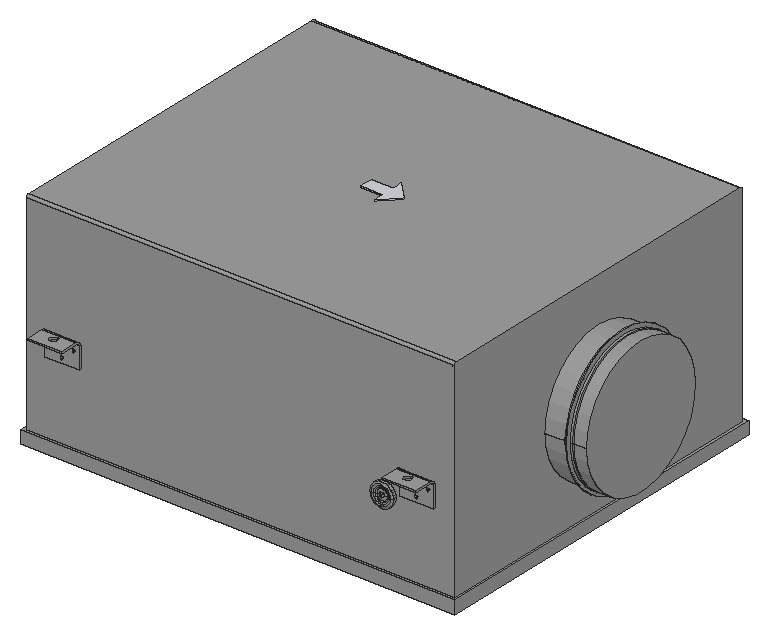
Revit family "Вентилятор круглый шумоизолированный VS", category Оборудование, Revit 2019
Family settings
  Размер круглого соединителя = Использовать диаметр
  Тип детали = Нормальный
  Номер OmniClass = 23.75.00.00
  Заголовок OmniClass = Climate Control (HVAC)
  На основе рабочей плоскости = Нет
  Всегда вертикально = Да
  При загрузке вырезать с полостями = Нет
  Общий = Нет
  Точка расчета площади = Нет
Parameters (values of type "VS-160")
  Частота вращения n, об/мин = "2550"
  Сила тока J, А = "0.5"
  Напряжение U,В = "1-220"
  Мощность двигателя N,Вт = "115"
  Материал = RAL 0000 Серый металл
  d = 160 mm
  L = 500 mm
  H = 260 mm
  D+4.5 = D + 4.5 mm  # 83.5 mm
  D+0.5 = D + 0.5 mm  # 79.5 mm
  D = 79 mm
  B = 420 mm
  ADSK_Примечание = "https://progress-nw.ru/ventilyatory/krugli-kanal/shumoizolirovani-korpus/"  # constant formula
  ADSK_Позиция = ""
  ADSK_Наименование = "Вентилятор для круглого канала в шумоизолированном корпусе"  # constant formula
  ADSK_Масса_Текст = "12.7 кг"
  ADSK_Марка = "VS-160"
  ADSK_Код изделия = ""
  ADSK_Завод-изготовитель = "Naveka"  # constant formula
  ADSK_Единица измерения = "шт."  # constant formula
Types (9, lengths in mm): name | Частота вращения n, об/мин | Сила тока J, А | Мощность двигателя N,Вт | d | L | H | D+4.5 | D+0.5 | D | B | ADSK_Масса_Текст | ADSK_Марка
  (no name) | "2550" | "0.5" | "115" | 160 | 500 | 260 | 83.5 | 79.5 | 79 | 420 | "12.7 кг" | "VS-160"
  VS-100 | "2500" | "0.3" | "70" | 100 | 460 | 225 | 53.5 | 49.5 | 49 | 350 | "10.8 кг" | "VS-100"
  VS-125 | "2400" | "0.3" | "70" | 125 | 460 | 225 | 66 | 62 | 61.5 | 390 | "11.5 кг" | "VS-125"
  VS-160 | "2550" | "0.5" | "115" | 160 | 500 | 260 | 83.5 | 79.5 | 79 | 420 | "12.7 кг" | "VS-160"
  VS-200 | "2600" | "0.7" | "150" | 200 | 500 | 300 | 103.5 | 99.5 | 99 | 450 | "13.6 кг" | "VS-200"
  VS-250 | "2500" | "0.9" | "200" | 250 | 550 | 350 | 128.5 | 124.5 | 124 | 500 | "15.0 кг" | "VS-250"
  VS-315A | "2400" | "1.1" | "250" | 315 | 600 | 400 | 161 | 157 | 156.5 | 550 | "17.1 кг" | "VS-315A"
  VS-315B | "2700" | "1.0" | "225" | 315 | 600 | 400 | 161 | 157 | 156.5 | 550 | "17.1 кг" | "VS-315B"
  VS(EC)-200 | "2400" | "1.8" | "230" | 200 | 500 | 300 | 103.5 | 99.5 | 99 | 500 | "9.3 кг" | "VS-200"
Reference planes
  plane 1 "По центру (Вперед/Назад)": y = 0
  plane 2: z = 0
  plane 3 "По центру (Влево/Вправо)": x = 0
  plane 4: y = 210
  plane 5: y = -210
  plane 6: x = -210
  plane 7: x = 250
  plane 8: z = 130
  plane 9: z = -130
  plane 10: x = 275
  plane 11: x = 279
  plane 12: x = 280
  plane 13: x = 284
  plane 14: x = 300
  plane 15: x = -250
  plane 16: x = -275
  plane 17: x = -279
  plane 18: x = -280
  plane 19: x = -284
  plane 20: x = -300
  plane 21: x = -254
  plane 22: y = 214
  plane 23: x = 254
  plane 24: y = -214
  plane 25: z = -115
  plane 26: x = 227
  plane 27: x = 187
  plane 28: x = 207
  plane 29: y = 224
  plane 30: z = -12
  plane 31: z = -24
  plane 32: x = 193
  plane 33: x = 221
  plane 34: x = -227
  plane 35: x = -187
  plane 36: x = -207
  plane 37: x = -193
  plane 38: x = -221
  plane 39: y = -224
  plane 40: x = 168.055
  plane 41: z = -35.309
  plane 42: z = 131
Forms (mm)
  Extrusion 1, solid, material "RAL 0000 Серый металл" <- "Материал", detail levels fine
    sketch origin (0, 0, 0) x (0, 1, 0) y (0, 0, 1)
      loop
        circle (0, 0) r 79
    from 250 to 300
  Extrusion 2, solid, material "Каучук, черный", detail levels fine
    sketch origin (0, 0, -17.195) x (0, 1, 0) y (0, 0, 1)
      loop
        circle (0, 17.195) r 79.5
    from 275 to 284
  Extrusion 3, solid, material "Каучук, черный", detail levels fine
    sketch origin (0, 0, -17.195) x (0, 1, 0) y (0, 0, 1)
      loop
        circle (0, 17.195) r 83.5
    from 279 to 280
  Extrusion 4, solid, material "RAL 0000 Серый металл" <- "Материал", detail levels fine
    sketch origin (0, 0, 0) x (0, 1, 0) y (0, 0, -1)
      loop
        circle (0, 0) r 79
    from 250 to 300
  Extrusion 5, solid, material "Каучук, черный", detail levels fine
    sketch origin (0, 0, -17.195) x (0, 1, 0) y (0, 0, -1)
      loop
        circle (0, -17.195) r 79.5
    from 275 to 284
  Extrusion 6, solid, material "Каучук, черный", detail levels fine
    sketch origin (0, 0, -17.195) x (0, 1, 0) y (0, 0, -1)
      loop
        circle (0, -17.195) r 83.5
    from 279 to 280
  Extrusion 7, solid, material "RAL 0000 Серый металл" <- "Материал"
    sketch origin (0, 0, 0) x (0, 1, 0) y (0, 0, 1)
      loop
        line (206.975, 130) -> (-206.984, 130)
        arc (-206.984, 130) -> (-209.117, 129.117) -> (-210, 126.984) r 3.016
        line (-210, 126.984) -> (-210, -130) -> (210, -130) -> (210, 126.975)
        arc (210, 126.975) -> (209.114, 129.114) -> (206.975, 130) r 3.025
    from -250 to 250
  Extrusion 8, solid, material "RAL 0000 Серый металл" <- "Материал", detail levels fine
    sketch origin (0, 0, 0) x (1, 0, 0) y (0, 1, 0)
      loop
        line (-254, 214) -> (-254, -214) -> (254, -214) -> (254, 214) -> (-254, 214)
    from -130 to -115
  Extrusion 9, solid, material "RAL 0000 Серый металл" <- "Материал", detail levels fine
    sketch origin (0, 0, 0) x (0, 1, 0) y (0, 0, 1)
      loop
        line (237.5, -1.5) -> (237.5, 0) -> (215.472, 0)
        arc (215.472, 0) -> (211.603, -1.603) -> (210, -5.472) r 5.472
        line (210, -5.472) -> (210, -30) -> (211.5, -30) -> (211.5, -5.119)
        arc (211.5, -5.119) -> (212.56, -2.56) -> (215.119, -1.5) r 3.619
        line (215.119, -1.5) -> (237.5, -1.5)
    from 187 to 227
  Extrusion 10, void
    sketch origin (0, 237.5, 0) x (0, -1, 0) y (1, 0, 0)
      loop
        circle (13.5, 207) r 4.5
    from -1.5 to 0
  Extrusion 11, void
    sketch origin (0, 0, 0) x (1, 0, 0) y (0, 0, 1)
      loop
        circle (193, -12) r 2.1
      loop
        circle (221, -12) r 2.1
      loop
        circle (207, -24) r 2.1
    from -211.5 to -210
  Extrusion 12, solid, material "RAL 0000 Серый металл" <- "Материал", detail levels fine
    sketch origin (0, 0, 0) x (0, -1, 0) y (0, 0, -1)
      loop
        line (237.5, 1.5) -> (214.519, 1.5)
        arc (214.519, 1.5) -> (212.384, 2.384) -> (211.5, 4.519) r 3.019
        line (211.5, 4.519) -> (211.5, 30) -> (210, 30) -> (210, 6.072)
        arc (210, 6.072) -> (211.778, 1.778) -> (216.072, 0) r 6.072
        line (216.072, 0) -> (237.5, 0) -> (237.5, 1.5)
    from 187 to 227
  Extrusion 13, void
    sketch origin (0, -92.122, 0) x (0, 1, 0) y (-1, 0, 0)
      loop
        circle (-131.878, -207) r 4.5
    from -1.5 to 0
  Extrusion 14, void
    sketch origin (0, 0, 0) x (1, 0, 0) y (0, 0, -1)
      loop
        circle (193, 12) r 2.1
      loop
        circle (221, 12) r 2.1
      loop
        circle (207, 24) r 2.1
    from -211.5 to -210
  Extrusion 15, solid, material "RAL 0000 Серый металл" <- "Материал", detail levels fine
    sketch origin (0, 0, 0) x (0, 1, 0) y (0, 0, -1)
      loop
        line (237.5, 1.5) -> (215.119, 1.5)
        arc (215.119, 1.5) -> (212.56, 2.56) -> (211.5, 5.119) r 3.619
        line (211.5, 5.119) -> (211.5, 30) -> (210, 30) -> (210, 5.472)
        arc (210, 5.472) -> (211.603, 1.603) -> (215.472, 0) r 5.472
        line (215.472, 0) -> (237.5, 0) -> (237.5, 1.5)
    from 187 to 227
  Extrusion 16, void
    sketch origin (-270, 237.5, 0) x (0, -1, 0) y (1, 0, 0)
      loop
        circle (13.5, 63) r 4.5
    from -1.5 to 0
  Extrusion 17, solid, material "RAL 0000 Серый металл" <- "Материал", detail levels fine
    sketch origin (0, 0, 0) x (0, -1, 0) y (0, 0, 1)
      loop
        line (237.5, -1.5) -> (237.5, 0) -> (216.072, 0)
        arc (216.072, 0) -> (211.778, -1.778) -> (210, -6.072) r 6.072
        line (210, -6.072) -> (210, -30) -> (211.5, -30) -> (211.5, -4.519)
        arc (211.5, -4.519) -> (212.384, -2.384) -> (214.519, -1.5) r 3.019
        line (214.519, -1.5) -> (237.5, -1.5)
    from 187 to 227
  Extrusion 18, void
    sketch origin (0, 0, 0) x (-1, 0, 0) y (0, 0, -1)
      loop
        circle (193, 12) r 2.1
      loop
        circle (221, 12) r 2.1
      loop
        circle (207, 24) r 2.1
    from -276.5 to -210
  Extrusion 19, void
    sketch origin (0, 0, 0) x (-1, 0, 0) y (0, 0, 1)
      loop
        circle (193, -12) r 2.1
      loop
        circle (221, -12) r 2.1
      loop
        circle (207, -24) r 2.1
    from -276.5 to -210
  Extrusion 20, void
    sketch origin (0, -92.122, 0) x (0, 1, 0) y (-1, 0, 0)
      loop
        circle (-131.878, 207) r 4.5
    from -1.5 to 0
  Revolve 21, solid, material "Пластмасса, непрозрачная, белая", detail levels fine
    sketch origin (-529.877, -1524, -35.309) x (-1, 0, 0) y (0, -1, 0)
      loop
        line (-697.932, -1314) -> (-697.932, -1311.838) -> (-700.335, -1311.838) -> (-700.335, -1313.031) -> (-701.181, -1313.031) -> (-701.181, -1311.246) -> (-704.626, -1311.246) -> (-705.625, -1310.547) -> (-707.373, -1309.72) -> (-709.347, -1309.25) -> (-711.642, -1310.575) -> (-711.642, -1314) -> (-697.932, -1314)
      axis (-697.932, -1309.25) -> (-697.932, -1314)
    angle from 0 to 360
  Revolve 22, solid, material "Пластмасса, непрозрачная, белая", detail levels fine
    sketch origin (-529.877, 1524, -35.309) x (-1, 0, 0) y (0, -1, 0)
      loop
        line (-697.932, 1314) -> (-711.642, 1314) -> (-711.642, 1310.575) -> (-709.347, 1309.25) -> (-707.373, 1309.72) -> (-705.625, 1310.547) -> (-704.626, 1311.246) -> (-701.181, 1311.246) -> (-701.181, 1313.031) -> (-700.335, 1313.031) -> (-700.335, 1311.838) -> (-697.932, 1311.838) -> (-697.932, 1314)
      axis (-697.932, 1309.25) -> (-697.932, 1314)
    angle from 0 to 360
  Extrusion 23, solid, detail levels fine
    sketch origin (0, 0, 0) x (1, 0, 0) y (0, 1, 0)
      loop
        line (23.125, 0) -> (3.823, 19.302) -> (3.823, 14.302) -> (3.823, 7.861) -> (-21.177, 7.861) -> (-21.177, 0) -> (-21.177, -7.861) -> (3.823, -7.861) -> (3.823, -14.302) -> (3.823, -19.302) -> (23.125, 0)
    from 0 to 131
Cuts and joins
  Extrusion 10, Extrusion 11, Extrusion 13, Extrusion 14, Extrusion 16, Extrusion 18 cuts Extrusion 9
  Extrusion 14, Extrusion 18, Extrusion 19 cuts Extrusion 7
  Extrusion 16, Extrusion 18, Extrusion 19 cuts Extrusion 15
  Extrusion 13, Extrusion 14, Extrusion 20 cuts Extrusion 12
  Extrusion 19, Extrusion 20 cuts Extrusion 17
Lines and regions (mm)
  model lines, detail levels coarse
    curve 1: circle (0, 0, 0) r 95 normal (0, 0, 1)
    curve 2: line (95, 0, 0) -> (-55.84, 76.857, 0)
    curve 3: line (-55.84, 76.857, 0) -> (-55.84, -76.857, 0)
    curve 4: line (-55.84, -76.857, 0) -> (95, 0, 0)
  model lines, not visible, detail levels coarse
    curve 5: circle (0, 0, 0) r 95 normal (0, 0, 1)
    curve 6: line (95, 0, 0) -> (-55.84, 76.857, 0)
    curve 7: line (-55.84, 76.857, 0) -> (-55.84, -76.857, 0)
    curve 8: line (-55.84, -76.857, 0) -> (95, 0, 0)
  model lines, detail levels medium
    curve 9: circle (0, 0, 0) r 75 normal (0, -1, 0)
    curve 10: line (75, 0, 0) -> (-46.678, 0, 58.704)
    curve 11: line (-47.5, 0, 58.041) -> (-47.5, 0, -58.041)
    curve 12: line (-46.678, 0, -58.704) -> (75, 0, 0)
  model lines, not visible, detail levels medium
    curve 13: circle (0, 0, 0) r 75 normal (0, -1, 0)
    curve 14: line (75, 0, 0) -> (-46.678, 0, 58.704)
    curve 15: line (-47.5, 0, 58.041) -> (-47.5, 0, -58.041)
    curve 16: line (-46.678, 0, -58.704) -> (75, 0, 0)
Dimensions and locks
  "B": plane 5 to plane 4
  "L": plane 15 to plane 7
  equal spacing: plane 21, plane 3 "По центру (Влево/Вправо)", plane 23
  equal spacing: plane 5, plane 1 "По центру (Вперед/Назад)", plane 4
  equal spacing: plane 8, level, plane 9
  "H": plane 8 to plane 9
  plane 7 to plane 6 = 460 mm
  locked: plane 7 to plane 10 at 25
  locked: plane 10 to plane 11 at 4
  locked: plane 11 to plane 12 at 1
  locked: plane 12 to plane 13 at 4
  locked: plane 13 to plane 14 at 16
  locked: plane 15 to plane 16 at 25
  locked: plane 16 to plane 17 at 4
  locked: plane 17 to plane 18 at 1
  locked: plane 18 to plane 19 at 4
  locked: plane 19 to plane 20 at 16
  locked: plane 24 to plane 5 at 4
  locked: plane 22 to plane 4 at 4
  locked: plane 7 to plane 23 at 4
  locked: plane 21 to plane 15 at 4
  locked: plane 25 to plane 9 at 15
  locked: plane 26 to plane 7 at 23
  locked: plane 27 to plane 26 at 40
  locked: Extrusion 9 sketch curve to Extrusion 9 sketch curve at 1.5  (x2)
  Extrusion 9 sketch curve to Extrusion 9 sketch curve = 27.5 mm
  locked: Extrusion 9 sketch curve to Extrusion 9 sketch curve at 30
  equal spacing: plane 27, plane 28, plane 26
  locked: plane 29 to plane 4 at 14
  locked: level to plane 31 at 24
  equal spacing: level, plane 30, plane 31
  locked: plane 32 to plane 28 at 14
  equal spacing: plane 32, plane 28, plane 33
  locked: plane 35 to plane 34 at 40
  equal spacing: plane 35, plane 36, plane 34
  locked: plane 37 to plane 36 at 14
  equal spacing: plane 37, plane 36, plane 38
  locked: Extrusion 12 sketch curve to Extrusion 12 sketch curve at 1.5  (x2)
  Extrusion 12 sketch curve to Extrusion 12 sketch curve = 27.5 mm
  locked: Extrusion 12 sketch curve to Extrusion 12 sketch curve at 30
  locked: plane 5 to plane 39 at 14
  locked: Extrusion 15 sketch curve to Extrusion 15 sketch curve at 1.5  (x2)
  Extrusion 15 sketch curve to Extrusion 15 sketch curve = 27.5 mm
  locked: Extrusion 15 sketch curve to Extrusion 15 sketch curve at 30
  locked: Extrusion 17 sketch curve to Extrusion 17 sketch curve at 1.5  (x2)
  Extrusion 17 sketch curve to Extrusion 17 sketch curve = 27.5 mm
  locked: Extrusion 17 sketch curve to Extrusion 17 sketch curve at 30
  locked: level to plane 41 at 35.309
  locked: plane 40 to plane 27 at 18.945
  equal spacing: plane 35, plane 3 "По центру (Влево/Вправо)", plane 27
  locked: plane 42 to plane 8 at 1
  "D": radius of Extrusion 1 sketch curve
  "D+0.5": radius of Extrusion 2 sketch curve
  "D+4.5": radius of Extrusion 3 sketch curve
  "D": radius of Extrusion 4 sketch curve
  "D+0.5": radius of Extrusion 5 sketch curve
  "D+4.5": radius of Extrusion 6 sketch curve
  radius of Extrusion 10 sketch curve = 4.5 mm
  radius of Extrusion 13 sketch curve = 4.5 mm
  radius of Extrusion 16 sketch curve = 4.5 mm
  radius of Extrusion 20 sketch curve = 4.5 mm
  aligned and locked: level to plane 2
  aligned and locked: plane 7 to Extrusion 1
  aligned and locked: Extrusion 1 to plane 14
  aligned and locked: level to Extrusion 1
  aligned and locked: level to Extrusion 2
  aligned and locked: Extrusion 3 to plane 12
  aligned and locked: plane 11 to Extrusion 3
  aligned and locked: level to Extrusion 3
  aligned and locked: Extrusion 4 to plane 20
  aligned and locked: Extrusion 5 to plane 19
  aligned and locked: Extrusion 6 to plane 18
  aligned and locked: plane 17 to Extrusion 6
  aligned and locked: plane 16 to Extrusion 5
  aligned and locked: plane 15 to Extrusion 4
  aligned and locked: Extrusion 7 to plane 15
  aligned and locked: Extrusion 7 to plane 7
  aligned and locked: plane 9 to Extrusion 7
  aligned and locked: plane 9 to Extrusion 8
  aligned and locked: Extrusion 8 to plane 25
  aligned and locked: Extrusion 9 to plane 26
  aligned and locked: plane 27 to Extrusion 9
  aligned and locked: plane 28 to Extrusion 10 sketch curve
  aligned and locked: Extrusion 9 to Extrusion 10  (x2)
  aligned and locked: plane 32 to Extrusion 11 sketch curve
  aligned and locked: plane 30 to Extrusion 11 sketch curve  (x2)
  aligned and locked: plane 33 to Extrusion 11 sketch curve
  aligned and locked: plane 28 to Extrusion 11 sketch curve
  aligned and locked: plane 31 to Extrusion 11 sketch curve
  aligned and locked: cut or joined group of Extrusion 9, Extrusion 10, Extrusion 11, Extrusion 13, Extrusion 14, Extrusion 16, Extrusion 18 to Extrusion 11
  aligned and locked: Extrusion 11 to plane 4
  aligned and locked: Extrusion 12 to plane 5
  aligned and locked: Extrusion 12 to plane 26
  aligned and locked: plane 27 to Extrusion 12
  aligned and locked: plane 39 to Extrusion 13 sketch curve
  aligned and locked: plane 28 to Extrusion 13 sketch curve
  aligned and locked: Extrusion 14 to plane 5
  aligned and locked: Extrusion 12 to Extrusion 14
  aligned and locked: level to Extrusion 12
  aligned and locked: plane 35 to Extrusion 15
  aligned and locked: Extrusion 15 to plane 34
  aligned and locked: Extrusion 15 to plane 4
  aligned and locked: level to Extrusion 15
  aligned and locked: plane 36 to Extrusion 16 sketch curve
  aligned and locked: plane 29 to Extrusion 16 sketch curve
  aligned and locked: plane 35 to Extrusion 17
  aligned and locked: Extrusion 17 to plane 34
  aligned and locked: Extrusion 17 to plane 5
  aligned and locked: level to Extrusion 17
  aligned and locked: plane 30 to Extrusion 18 sketch curve  (x2)
  aligned and locked: plane 38 to Extrusion 18 sketch curve
  aligned and locked: plane 37 to Extrusion 18 sketch curve
  aligned and locked: plane 36 to Extrusion 18 sketch curve
  aligned and locked: plane 31 to Extrusion 18 sketch curve
  aligned and locked: plane 37 to Extrusion 19 sketch curve
  aligned and locked: plane 30 to Extrusion 19 sketch curve  (x2)
  aligned and locked: plane 38 to Extrusion 19 sketch curve
  aligned and locked: plane 36 to Extrusion 19 sketch curve
  aligned and locked: plane 31 to Extrusion 19 sketch curve
  aligned and locked: plane 36 to Extrusion 20 sketch curve
  aligned and locked: plane 39 to Extrusion 20 sketch curve
  aligned and locked: plane 4 to Revolve 22
  aligned and locked: Revolve 21 to plane 5
  aligned and locked: plane 27 to cut or joined group of Extrusion 12, Extrusion 13, Extrusion 14, Extrusion 20
  aligned and locked: cut or joined group of Extrusion 12, Extrusion 13, Extrusion 14, Extrusion 20 to plane 26
  aligned and locked: level to cut or joined group of Extrusion 12, Extrusion 13, Extrusion 14, Extrusion 20
  aligned and locked: plane 33 to Extrusion 14 sketch curve
  aligned and locked: plane 30 to Extrusion 14 sketch curve  (x2)
  aligned and locked: plane 32 to Extrusion 14 sketch curve
  aligned and locked: plane 31 to Extrusion 14 sketch curve
  aligned and locked: plane 28 to Extrusion 14 sketch curve
  aligned and locked: cut or joined group of Extrusion 9, Extrusion 10, Extrusion 11, Extrusion 13, Extrusion 14, Extrusion 16, Extrusion 18 to plane 4  (x3)
  aligned and locked: Extrusion 2 to plane 13
  aligned and locked: plane 10 to Extrusion 2
  aligned and locked: plane 5 to cut or joined group of Extrusion 7, Extrusion 14, Extrusion 18, Extrusion 19
  aligned and locked: plane 4 to cut or joined group of Extrusion 7, Extrusion 14, Extrusion 18, Extrusion 19
  aligned and locked: plane 42 to Extrusion 23
Automatic sketch dimensions
  Extrusion 7 sketch curve to plane 5 = 0 mm
  Extrusion 7 sketch curve to plane 8 = 0 mm
  Extrusion 7 sketch curve to plane 4 = 0 mm
  plane 9 to Extrusion 7 sketch curve = 0 mm
  Extrusion 7 sketch curve to Extrusion 7 sketch curve = 3.016 mm
  Extrusion 7 sketch curve to plane 4 = 3.025 mm
  Extrusion 8 sketch curve to plane 21 = 0 mm
  Extrusion 8 sketch curve to plane 23 = 0 mm
  plane 24 to Extrusion 8 sketch curve = 0 mm
  Extrusion 8 sketch curve to plane 22 = 0 mm
  Extrusion 9 sketch curve to plane 4 = 0 mm
  Extrusion 9 sketch curve to level = 0 mm
  plane 22 to Extrusion 9 sketch curve = 1.119 mm
  Extrusion 9 sketch curve to Extrusion 9 sketch curve = 0.354 mm
  Extrusion 10 sketch curve to Extrusion 9 = 8.528 mm
  Extrusion 12 sketch curve to plane 5 = 0 mm
  Extrusion 12 sketch curve to level = 0 mm
  Extrusion 12 sketch curve to plane 24 = 0.519 mm
  Extrusion 12 sketch curve to plane 24 = 2.072 mm
  Extrusion 15 sketch curve to plane 4 = 0 mm
  Extrusion 15 sketch curve to level = 0 mm
  plane 22 to Extrusion 15 sketch curve = 1.119 mm
  Extrusion 15 sketch curve to Extrusion 15 sketch curve = 0.354 mm
  Extrusion 17 sketch curve to plane 5 = 0 mm
  Extrusion 17 sketch curve to level = 0 mm
  plane 24 to Extrusion 17 sketch curve = 0.519 mm
  plane 24 to Extrusion 17 sketch curve = 2.072 mm
  plane 5 to Revolve 21 sketch curve = 0 mm  (x2)
  Revolve 21 sketch curve to plane 40 = 0 mm  (x2)
  plane 5 to Revolve 21 sketch curve = 0.969 mm
  plane 40 to Revolve 21 sketch curve = 2.403 mm
  Revolve 21 sketch curve to Revolve 21 sketch curve = 0.846 mm
  Revolve 21 sketch curve to plane 24 = 1.246 mm
  Revolve 21 sketch curve to Revolve 21 sketch curve = 3.445 mm
  Revolve 21 sketch curve to plane 24 = 0.547 mm
  Revolve 21 sketch curve to Revolve 21 sketch curve = 0.999 mm
  plane 24 to Revolve 21 sketch curve = 0.28 mm
  Revolve 21 sketch curve to Revolve 21 sketch curve = 1.748 mm
  plane 24 to Revolve 21 sketch curve = 0.75 mm
  Revolve 21 sketch curve to Revolve 21 sketch curve = 1.974 mm
  Revolve 21 sketch curve to plane 24 = 0.575 mm
  Revolve 21 sketch curve to Revolve 21 sketch curve = 2.294 mm
  Revolve 21 sketch curve to Revolve 21 sketch curve = 0.592 mm
  Revolve 21 sketch curve to plane 5 = 17.098 mm
  Revolve 22 sketch curve to plane 4 = 0 mm  (x2)
  Revolve 22 sketch curve to plane 40 = 0 mm  (x2)
  plane 4 to Revolve 22 sketch curve = 0.969 mm
  plane 40 to Revolve 22 sketch curve = 2.403 mm
  Revolve 22 sketch curve to Revolve 22 sketch curve = 0.846 mm
  Revolve 22 sketch curve to plane 22 = 1.246 mm
  Revolve 22 sketch curve to Revolve 22 sketch curve = 3.445 mm
  Revolve 22 sketch curve to plane 22 = 0.547 mm
  Revolve 22 sketch curve to Revolve 22 sketch curve = 0.999 mm
  plane 22 to Revolve 22 sketch curve = 0.28 mm
  Revolve 22 sketch curve to Revolve 22 sketch curve = 1.748 mm
  plane 22 to Revolve 22 sketch curve = 0.75 mm
  Revolve 22 sketch curve to Revolve 22 sketch curve = 1.974 mm
  Revolve 22 sketch curve to plane 22 = 0.575 mm
  Revolve 22 sketch curve to Revolve 22 sketch curve = 2.294 mm
  Revolve 22 sketch curve to plane 22 = 1.838 mm
  Revolve 22 sketch curve to plane 4 = 17.098 mm
  plane 1 "По центру (Вперед/Назад)" to Extrusion 23 sketch curve = 0 mm  (x2)
  Extrusion 23 sketch curve to plane 3 "По центру (Влево/Вправо)" = 21.177 mm
  plane 3 "По центру (Влево/Вправо)" to Extrusion 23 sketch curve = 3.823 mm  (x2)
  Extrusion 23 sketch curve to Extrusion 23 sketch curve = 19.302 mm
  plane 1 "По центру (Вперед/Назад)" to Extrusion 23 sketch curve = 7.861 mm
  Extrusion 23 sketch curve to Extrusion 23 sketch curve = 6.441 mm
  Extrusion 23 sketch curve to Extrusion 23 sketch curve = 5 mm  (x2)
  Extrusion 23 sketch curve to Extrusion 23 sketch curve = 7.861 mm
  curve 9 to curve 12 = 75 mm
  curve 9 to curve 10 = 0 mm
  curve 12 to curve 9 = 46.678 mm
  curve 10 to curve 9 = 46.678 mm
  curve 11 to curve 12 = 0.822 mm
  curve 13 to curve 16 = 75 mm
  curve 13 to curve 14 = 0 mm
  curve 16 to curve 13 = 46.678 mm
  curve 14 to curve 13 = 46.678 mm
  curve 15 to curve 16 = 0.822 mm
  Extrusion 1 sketch curve to level = 0 mm
  Extrusion 1 sketch curve to plane 1 "По центру (Вперед/Назад)" = 0 mm
  Extrusion 2 sketch curve to level = 0 mm
  Extrusion 2 sketch curve to plane 1 "По центру (Вперед/Назад)" = 0 mm
  Extrusion 3 sketch curve to level = 0 mm
  Extrusion 3 sketch curve to plane 1 "По центру (Вперед/Назад)" = 0 mm
  Extrusion 4 sketch curve to level = 0 mm
  Extrusion 4 sketch curve to plane 1 "По центру (Вперед/Назад)" = 0 mm
  Extrusion 5 sketch curve to level = 0 mm
  Extrusion 5 sketch curve to plane 1 "По центру (Вперед/Назад)" = 0 mm
  Extrusion 6 sketch curve to level = 0 mm
  Extrusion 6 sketch curve to plane 1 "По центру (Вперед/Назад)" = 0 mm
  radius of Extrusion 11 sketch curve = 2.1 mm  (x3)
  radius of Extrusion 14 sketch curve = 2.1 mm  (x3)
  radius of Extrusion 18 sketch curve = 2.1 mm  (x3)
  radius of Extrusion 19 sketch curve = 2.1 mm  (x3)
Connectors
  hvac at (-300, 0, 0), driven by "d"
    settings: on Extrusion 4, index 1, duct flow 0.0 L/s, flow factor 0, pres drop 0.0 Pa, loss coef 0, conn angle 0.00°, conn width 304.8 mm, conn height 304.8 mm, conn diameter 160 mm, duct sys type 28, conn prof type 0, flow config 0, flow direction 0, loss method 0, conn ref index 2, conn util no, is conn primary yes, conn desc ""
  hvac at (300, 0, 0), driven by "d"
    settings: on Extrusion 1, index 2, duct flow 0.0 L/s, flow factor 0, pres drop 0.0 Pa, loss coef 0, conn angle 0.00°, conn width 304.8 mm, conn height 304.8 mm, conn diameter 160 mm, duct sys type 28, conn prof type 0, flow config 0, flow direction 0, loss method 0, conn ref index 1, conn util no, is conn primary no, conn desc ""
